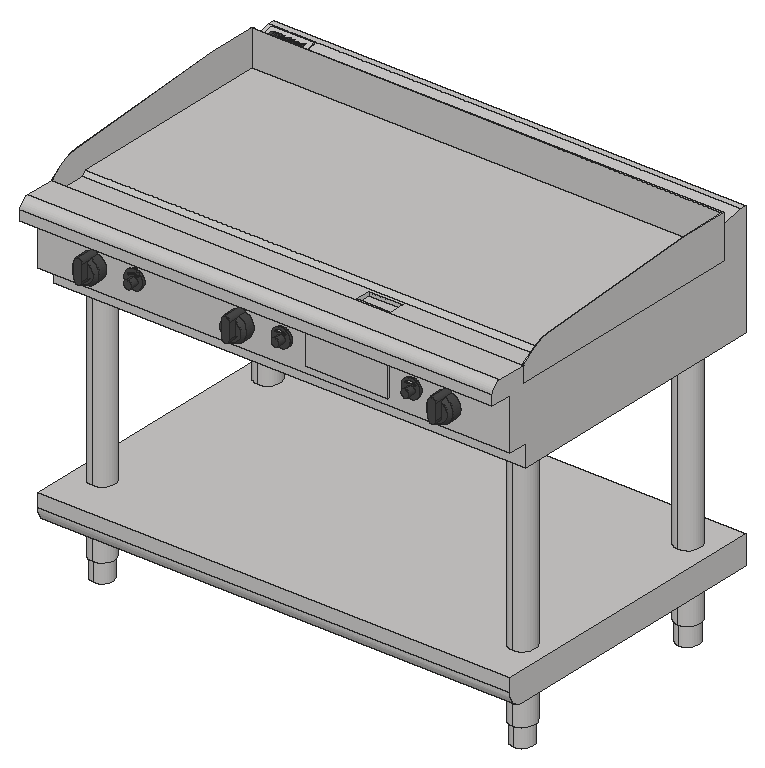
Revit family "QF_MOFFAT WALDORF_GPL8120G-LS", category Specialty Equipment, Revit 2012 (continued)
Definition of nested family "GPL8120G-LS-CASTERS"
  Forms (in)
    Extrusion 4, solid, material "QF_Finishes_Stainless Steel", visible <- "Show Casters"
      sketch origin (-1.93794, 2.21793, 0) x (0, 1, 0) y (0, 0, 1)
        loop
          line (-0.5252, 5.08531) -> (-0.54193, 5.25584) -> (-1.05793, 5.25584) -> (-1.05793, 5.55584) -> (-3.37793, 5.55584)
      from 1.02747 to 2.85669
    Revolve 5, solid, material "QF_Finishes_Stainless Steel", visible <- "Show Casters"
      sketch origin (-1.93794, 1.21343, 0) x (1, 0, 0) y (0, 0, 1)
        loop
          line (0.5843, 2.5041) -> (3.2907, 2.5041) -> (3.2907, 2.6421) -> (3.2407, 2.6921) -> (3.1807, 2.6921) -> (3.1807, 2.8278) -> (2.7025, 2.8278) -> (2.7025, 3.22009) -> (2.5625, 3.30092) -> (2.42847, 4.1291) -> (2.59375, 4.1291) -> (2.59375, 4.3791) -> (2.5625, 4.3791) -> (2.5625, 4.6291)
          arc (2.5625, 4.6291) -> (2.45267, 4.89426) -> (2.1875, 5.0041) r 0.375
          line (2.1875, 5.0041) -> (1.6875, 5.0041)
          arc (1.6875, 5.0041) -> (1.42233, 4.89426) -> (1.3125, 4.6291) r 0.375
          line (1.3125, 4.6291) -> (1.3125, 4.3791) -> (1.28125, 4.3791) -> (1.28125, 4.1291) -> (1.44653, 4.1291) -> (1.31307, 3.30443) -> (1.1725, 3.22327) -> (1.1725, 2.8278) -> (0.6943, 2.8278) -> (0.6943, 2.6921) -> (0.6343, 2.6921) -> (0.5843, 2.6421) -> (0.5843, 2.5041)
        axis (0.5843, 2.5041) -> (3.2907, 2.5041)
      angle from 0 to 360
  Cuts and joins
    joined: Extrusion 2, Extrusion 3, Extrusion 4
  Lines and regions (in)
    symbolic lines, style "SpecialityEquipmentHiddenLines", visible <- "Show Casters"
      curve 1: line (0.70901, 2.6399, 0) -> (1.79507, 2.01286, 0)
      curve 2: line (-1.79099, -1.69023, 0) -> (0.70901, 2.6399, 0)
      curve 3: line (-0.70493, -2.31727, 0) -> (-1.79099, -1.69023, 0)
      curve 4: line (1.79507, 2.01286, 0) -> (-0.70493, -2.31727, 0)
  Dimensions and locks (in)
    plane 4 "Base Height" to level = 5.90551"  (x2)
    Revolve 5 sketch curve to Revolve 5 sketch curve = 2 1/2"
    aligned and locked: level to plane 1
